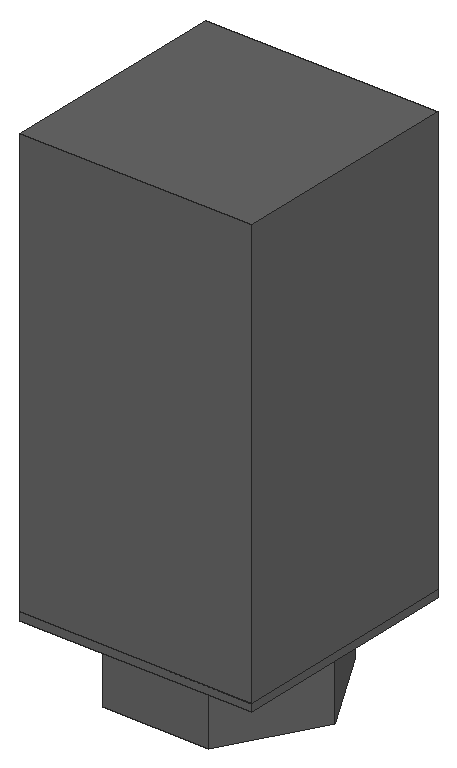
Revit family "LTC-6SQD-S", category Lighting Fixtures, host Face, Revit 2021
Family settings
  Host = Face
  Round Connector Dimension = Use Diameter
  Part Type = Normal
  OmniClass Number = 23.80.70.11.14.11
  OmniClass Title = Downlights
  Cut with Voids When Loaded = No
  Light Source = Yes
  Shared = Yes
  Room Calculation Point = No
Parameters (values of type "LTC-6SQD-S")
  Width = 7.58984"
  Wattage Comments = "8-25"  # constant formula
  Wattage = 25 W
  built-in parameter 1150110 = 1 (stored number, unit not read)
  Voltage = if(Is 120V, 120 V, 277 V)  # 120 V
  URL = "https://www.currentlighting.com/prescolite"
  built-in parameter 1114217 = 1 (stored number, unit not read)
  Tilt Angle = -90.00°
  built-in parameter 1150109 = 1 (stored number, unit not read)
  built-in parameter 1150134 = (empty or 0)
  built-in parameter 1150113 = 1 (stored number, unit not read)
  SRMD = no
  Reflector Finish = Paint - Carbon Black
  Recessed = yes
  Product Page URL = ""
  Product Material = Paint - Carbon Black
  Product Documentation Link = ""
  Photometric Web File = "LTC-6SQD-P-06L35K8MD-DM1-S-BL.ies"
  Photometric Notes = "More IES files download on Photometric Web Link"  # constant formula
  Model = "LTC-6SQD"  # constant formula
  Manufacturer = "Prescolite"  # constant formula
  built-in parameter 1150105 = -6252400 (stored number, unit not read)
  Lumens = 2200 lm
  built-in parameter 1150115 = 1 (stored number, unit not read)
  Load Classification = Lighting
  built-in parameter 1150137 = (empty or 0)
  built-in parameter 1150139 = (empty or 0)
  built-in parameter 1150112 = 1 (stored number, unit not read)
  built-in parameter 1150114 = 1 (stored number, unit not read)
  Lamp = " LED's"  # constant formula
  Is 277V = not(Is 120V)  # no
  Is 120V = yes
  built-in parameter 1150132 = (empty or 0)
  built-in parameter 1150102 = (empty or 0)
  built-in parameter 1150107 = 3000 (stored number, unit not read)
  built-in parameter 1150138 = (empty or 0)
  built-in parameter 1150106 = -62524 (stored number, unit not read)
  Height = 14.00"
  Glass = White Glass
  Frequency = 60 Hz  # constant formula
  Emit from Rectangle Width = Width  # 7.58984"
  Emit from Rectangle Length = Width  # 7.58984"
  Emit Shape Visible in Rendering = yes
  built-in parameter 1150104 = 8.1755 (stored number, unit not read)
  Dimming Lamp Color Temperature Shift = <None>
  Description = "LITEISTRY™ 6inch Square Cylinder Downlight"  # constant formula
  Default Elevation = 48.00"
  Contact Us = ""
  Connector Description = "Lighting Connector"  # constant formula
  Color Filter = 16777215
  Ceiling Thickness [instance] = 1.25"
  Cutout Radius = 3.125"
  Ceiling Cutout = Cutout Radius * 2  # 6.25"
  Canopy width = 7.58984"
  Canopy Height = 0.25"
  built-in parameter 1114218 = 1 (stored number, unit not read)
  built-in parameter 1150133 = 10 (stored number, unit not read)
  Apparent Load = 52 VA
Types (6): name | SRMD | Recessed | Canopy width | Canopy Height
  (no name) | no | yes | 7.58984" | 0.25"
  LTC-6SQD-S | no | yes | 7.58984" | 0.25"
  LTC-6SQD-SRMD | yes | no | 7.58984" | 0.25"
  LTC-6SQD-SCC | no | no | 7.75" | 3.00"
  LTC-6SQD-SPC | no | yes | 7.75" | 3.00"
  LTC-6SQD-SPCC | no | no | 7.82813" | 4.50"
Reference planes (in)
  plane 1 "Center (Front/Back)": y = 0
  plane 2: z = 0
  plane 3 "Center (Left/Right)": x = 0
  plane 4: x = 3
  plane 5: x = -3
  plane 6: y = 3
  plane 7: y = -3
  plane 8: x = 3.79492
  plane 9: x = -3.79492
  plane 10: y = 3.79492
  plane 11: y = -3.79492
  plane 12: z = -6
  plane 13: x = 3.79492
  plane 14: x = -3.79492
  plane 15: z = 0.25
  plane 16: y = 3.79492
  plane 17: y = -3.79492
  plane 18: z = 14.25
Forms (in)
  Extrusion 1, void
    sketch origin (0, 0, 0) x (1, 0, 0) y (0, 1, 0)
      loop
        circle (0, 0) r 3.125
    from -1.25 to 0
  Extrusion 2, solid, material "Paint - Carbon Black" <- "Product Material", visible <- "SRMD"
    sketch origin (0, 0, 0) x (1, 0, 0) y (0, 1, 0)
      loop
        line (-3.04492, 2.5) -> (-3.04492, -2.5) -> (3.04492, -2.5) -> (3.04492, 2.5) -> (-3.04492, 2.5)
    from -6 to 0
  Extrusion 3, solid, material "Paint - Carbon Black" <- "Product Material", visible <- "Recessed"
    sketch origin (0, 0, 0) x (1, 0, 0) y (0, 1, 0)
      loop
        line (-1.73205, 3) -> (-3.4641, 0) -> (-1.73205, -3) -> (1.73205, -3) -> (3.4641, 0) -> (1.73205, 3) -> (-1.73205, 3)
    from -2.14078 to 0
  Extrusion 4, solid, material "Paint - Carbon Black" <- "Product Material"
    sketch origin (0, 0, 0) x (1, 0, 0) y (0, 0, 1)
      loop
        line (-3.79492, 0) -> (3.79492, 0) -> (3.79492, 0.25) -> (-3.79492, 0.25) -> (-3.79492, 0)
    from -3.79492 to 3.79492
  Extrusion 5, solid, material "Paint - Carbon Black" <- "Product Material"
    sketch origin (0, 0, 5) x (1, 0, 0) y (0, 1, 0)
      loop
        line (-3.79492, 3.79492) -> (-3.79492, -3.79492) -> (3.79492, -3.79492) -> (3.79492, 3.79492) -> (-3.79492, 3.79492)
    from -4.75 to 9.25
Dimensions and locks (in)
  equal spacing: plane 9, plane 3 "Center (Left/Right)", plane 8
  equal spacing: plane 11, plane 1 "Center (Front/Back)", plane 10
  "Width": plane 11 to plane 10
  "Width": plane 9 to plane 8
  "Canopy Height": plane 15 to plane 2
  equal spacing: plane 13, plane 3 "Center (Left/Right)", plane 14
  "Canopy width": plane 13 to plane 14
  "Canopy width": plane 16 to plane 17
  equal spacing: plane 16, plane 1 "Center (Front/Back)", plane 17
  "Height": plane 18 to plane 15
  "Cutout Radius": radius of Extrusion 1 sketch curve
  aligned and locked: plane 2 to host face
  aligned and locked: level to host face
  aligned and locked: level to Extrusion 1
  aligned and locked: plane 1 "Center (Front/Back)" to Extrusion 1 sketch curve
  aligned and locked: plane 3 "Center (Left/Right)" to Extrusion 1 sketch curve
  aligned and locked: plane 3 "Center (Left/Right)" to imposter light
  aligned and locked: Extrusion 4 sketch curve to host face
  aligned and locked: Extrusion 4 sketch curve to plane 14
  aligned and locked: Extrusion 4 sketch curve to plane 15
  aligned and locked: plane 13 to Extrusion 4 sketch curve
  aligned and locked: Extrusion 4 to plane 16
  aligned and locked: plane 17 to Extrusion 4
  aligned and locked: plane 15 to Extrusion 5
  aligned and locked: Extrusion 5 to plane 18
  aligned and locked: imposter light to plane 18
  aligned and locked: plane 2 to Extrusion 3
Automatic sketch dimensions
  host sketch curve to host sketch curve = 96.00"  (x2)
  Extrusion 2 sketch curve to plane 5 = 0.04492"
  plane 4 to Extrusion 2 sketch curve = 0.04492"
  Extrusion 2 sketch curve to plane 7 = 0.50"
  plane 6 to Extrusion 2 sketch curve = 0.50"
  Extrusion 5 sketch curve to plane 9 = 0.00"
  Extrusion 5 sketch curve to plane 8 = 0.00"
  plane 11 to Extrusion 5 sketch curve = 0.00"
  plane 10 to Extrusion 5 sketch curve = 0.00"
  plane 1 "Center (Front/Back)" to Extrusion 3 sketch curve = 0.00"  (x2)
  plane 6 to Extrusion 3 sketch curve = 0.00"
  plane 7 to Extrusion 3 sketch curve = 0.00"
  plane 9 to Extrusion 3 sketch curve = 0.33082"
  plane 5 to Extrusion 3 sketch curve = 1.26795"  (x2)
  Extrusion 3 sketch curve to plane 4 = 1.26795"  (x2)
  Extrusion 3 sketch curve to plane 8 = 0.33082"
Connectors (in)
  electrical at (0, 0, 0), driven by "Connector Description", driven by "Voltage", driven by "Apparent Load", driven by "Load Classification"
    settings: on host face, index 1, voltage 120 V, apparent load 52 VA, apparent load phase1 0 VA, apparent load phase2 0 VA, apparent load phase3 0 VA, power factor 0.9, load classification "Lighting", number of poles 1, system type 30, power factor state 1, is connector primary yes, connector utility no, sub classification motor no, connector description "Lighting Connector"
